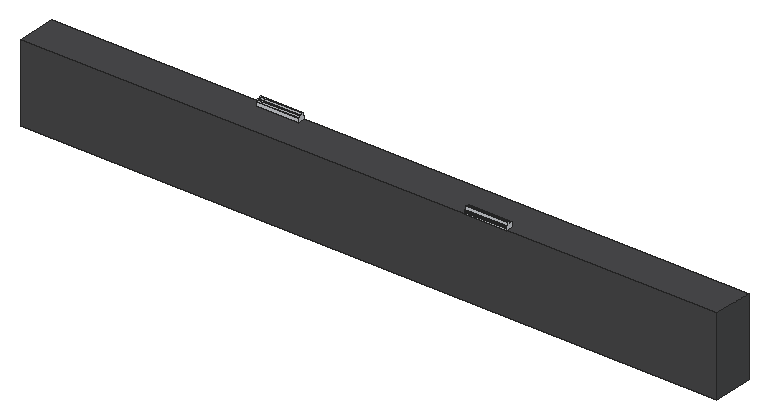
Revit family "DTM30U6.1.16", category Luminarias, Revit 2019
Family settings
  Cota de conector redondo = Diámetro de uso
  Tipo de pieza = Normal
  Se basa en plano de trabajo = Sí
  Siempre vertical = Sí
  Corte con vacíos al cargar = No
  Origen de luz = Sí
  Compartido = No
  Punto de cálculo de habitación = No
Parameters (values of type "RECTANGULAR DWN RIEL_DTM30U6.1.16")
  Ángulo de inclinación = 60.00°
  Zone [instance] = ""
  Watt per fixture = 15
  Wattage = 30.4 W
  built-in parameter 1150107 = 2700 (stored number, unit not read)
  built-in parameter 1150110 = 1 (stored number, unit not read)
  built-in parameter 1150109 = 1 (stored number, unit not read)
  built-in parameter 1150112 = 1 (stored number, unit not read)
  built-in parameter 1150113 = 1 (stored number, unit not read)
  built-in parameter 1114218 = 1 (stored number, unit not read)
  Keynote = ""
  built-in parameter 1150137 = (empty or 0)
  built-in parameter 1150132 = (empty or 0)
  Modelo = "DTM30U6.1.16"
  Lámpara = "3030SMD PHILIPS"
  built-in parameter 1150105 = 198.37 (stored number, unit not read)
  built-in parameter 1150102 = (empty or 0)
  built-in parameter 1150106 = 1.9837 (stored number, unit not read)
  Lumens = 2492.8 lm
  Color Filter = 16777215
  built-in parameter 1114217 = 1 (stored number, unit not read)
  built-in parameter 1150139 = (empty or 0)
  Fabricante = "BRILLANT"
  Default Elevation = 1219.2 mm
  built-in parameter 1150104 = 7.618 (stored number, unit not read)
  Descripción = "LUMINARIA DOWNLIGHT EN FORMATO RECTANGULAR COMPATIBLE CON RIEL DE 6 ENTRADAS Y 3 CIRCUITOS, CUERPO DE ALUMINIO ACABADO EN COLOR NEGRO, IP 20, PESO 1.40Kg, TIPO DE LED 3030SMD PHILIPS CON 30.4W TOTAL, 2300 LUMENES, 82LM/W, IRC 90, TEMPERATURA EN BLANCO CALIDO 2700K, 50 MIL HORAS DE VIDA PROMEDIO, APERTURA DE 16 GRADOS POR PROYECTO, ALIMENTADO A 90-240V"
  built-in parameter 1150115 = 1 (stored number, unit not read)
  built-in parameter 1150114 = 1 (stored number, unit not read)
  Comentarios de vataje = "90-240V"
  built-in parameter 1150138 = (empty or 0)
  built-in parameter 1150134 = (empty or 0)
  Circuit [instance] = ""
  Dimming Lamp Color Temperature Shift = (empty or 0)
  Archivo de red fotométrica = "L646A-30W-827-B-15_IESNA95.IES"
  built-in parameter 1150133 = 10 (stored number, unit not read)
Reference planes
  plane 1 "Centro (Frontal/Posterior)": y = 0
  plane 2: z = 0
  plane 3 "Centro (Izquierda/Derecha)": x = 0
Forms (mm)
  Extrusion 1, solid, material "Default Form"
    sketch origin (0, 0, 0) x (1, 0, 0) y (0, 0, 1)
      loop
        line (-323, 0) -> (-323, -72) -> (323, -72) -> (323, 0) -> (-323, 0)
    from -18.326 to 18.326
  Extrusion 2, solid
    sketch origin (0, 0, 3.217) x (0, 1, 0) y (0, 0, 1)
      loop
        line (-12.149, -3.217) -> (-12.149, 0) -> (-12.935, 0) -> (-12.935, 1.637) -> (-13.796, 1.637) -> (-13.796, 0) -> (-14.582, 0) -> (-14.582, 0.811) -> (-15.443, 0.811) -> (-15.443, 0) -> (-16.233, 0) -> (-16.233, 2.691) -> (-17.279, 2.691) -> (-17.279, 0) -> (-18.061, 0) -> (-18.061, -0.861) -> (-17.162, -0.861) -> (-17.162, -2.042) -> (-18.326, -2.042) -> (-18.326, -3.217) -> (-12.149, -3.217)
    from 89.098 to 128.24
  Extrusion 3, solid
    sketch origin (0, 0, 3.217) x (0, -1, 0) y (0, 0, 1)
      loop
        line (-12.149, -3.217) -> (-12.149, 0) -> (-12.935, 0) -> (-12.935, 1.637) -> (-13.796, 1.637) -> (-13.796, 0) -> (-14.582, 0) -> (-14.582, 0.811) -> (-15.443, 0.811) -> (-15.443, 0) -> (-16.233, 0) -> (-16.233, 2.691) -> (-17.279, 2.691) -> (-17.279, 0) -> (-18.061, 0) -> (-18.061, -0.861) -> (-17.162, -0.861) -> (-17.162, -2.042) -> (-18.326, -2.042) -> (-18.326, -3.217) -> (-12.149, -3.217)
    from 89.098 to 128.24
  Blend 4, void
    base sketch origin (-142.93, 0, 0) x (1, 0, 0) y (0, 1, 0)
      loop
        line (-162, 16.149) -> (-162, -16.149) -> (-144.14, -16.149) -> (-144.14, 16.149) -> (-162, 16.149)
    top sketch origin (-142.93, 0, 0) x (1, 0, 0) y (0, 1, 0)
      loop
        line (-160, 12.149) -> (-160, -12.149) -> (-146.14, -12.149) -> (-146.14, 12.149) -> (-160, 12.149)
    from -72 to -61.591
  Blend 5, void
    base sketch origin (-115.93, 0, 0) x (1, 0, 0) y (0, 1, 0)
      loop
        line (-162, 16.149) -> (-162, -16.149) -> (-144.14, -16.149) -> (-144.14, 16.149) -> (-162, 16.149)
    top sketch origin (-115.93, 0, 0) x (1, 0, 0) y (0, 1, 0)
      loop
        line (-160, 12.149) -> (-160, -12.149) -> (-146.14, -12.149) -> (-146.14, 12.149) -> (-160, 12.149)
    from -72 to -61.591
  Blend 6, void
    base sketch origin (-88.93, 0, 0) x (1, 0, 0) y (0, 1, 0)
      loop
        line (-162, 16.149) -> (-162, -16.149) -> (-144.14, -16.149) -> (-144.14, 16.149) -> (-162, 16.149)
    top sketch origin (-88.93, 0, 0) x (1, 0, 0) y (0, 1, 0)
      loop
        line (-160, 12.149) -> (-160, -12.149) -> (-146.14, -12.149) -> (-146.14, 12.149) -> (-160, 12.149)
    from -72 to -61.591
  Blend 7, void
    base sketch origin (-61.93, 0, 0) x (1, 0, 0) y (0, 1, 0)
      loop
        line (-162, 16.149) -> (-162, -16.149) -> (-144.14, -16.149) -> (-144.14, 16.149) -> (-162, 16.149)
    top sketch origin (-61.93, 0, 0) x (1, 0, 0) y (0, 1, 0)
      loop
        line (-160, 12.149) -> (-160, -12.149) -> (-146.14, -12.149) -> (-146.14, 12.149) -> (-160, 12.149)
    from -72 to -61.591
  Blend 8, void
    base sketch origin (-34.93, 0, 0) x (1, 0, 0) y (0, 1, 0)
      loop
        line (-162, 16.149) -> (-162, -16.149) -> (-144.14, -16.149) -> (-144.14, 16.149) -> (-162, 16.149)
    top sketch origin (-34.93, 0, 0) x (1, 0, 0) y (0, 1, 0)
      loop
        line (-160, 12.149) -> (-160, -12.149) -> (-146.14, -12.149) -> (-146.14, 12.149) -> (-160, 12.149)
    from -72 to -61.591
  Blend 9, void
    base sketch origin (-7.93, 0, 0) x (1, 0, 0) y (0, 1, 0)
      loop
        line (-162, 16.149) -> (-162, -16.149) -> (-144.14, -16.149) -> (-144.14, 16.149) -> (-162, 16.149)
    top sketch origin (-7.93, 0, 0) x (1, 0, 0) y (0, 1, 0)
      loop
        line (-160, 12.149) -> (-160, -12.149) -> (-146.14, -12.149) -> (-146.14, 12.149) -> (-160, 12.149)
    from -72 to -61.591
  Blend 10, void
    base sketch origin (19.07, 0, 0) x (1, 0, 0) y (0, 1, 0)
      loop
        line (-162, 16.149) -> (-162, -16.149) -> (-144.14, -16.149) -> (-144.14, 16.149) -> (-162, 16.149)
    top sketch origin (19.07, 0, 0) x (1, 0, 0) y (0, 1, 0)
      loop
        line (-160, 12.149) -> (-160, -12.149) -> (-146.14, -12.149) -> (-146.14, 12.149) -> (-160, 12.149)
    from -72 to -61.591
  Blend 11, void
    base sketch origin (46.07, 0, 0) x (1, 0, 0) y (0, 1, 0)
      loop
        line (-162, 16.149) -> (-162, -16.149) -> (-144.14, -16.149) -> (-144.14, 16.149) -> (-162, 16.149)
    top sketch origin (46.07, 0, 0) x (1, 0, 0) y (0, 1, 0)
      loop
        line (-160, 12.149) -> (-160, -12.149) -> (-146.14, -12.149) -> (-146.14, 12.149) -> (-160, 12.149)
    from -72 to -61.591
  Blend 12, void
    base sketch origin (73.07, 0, 0) x (1, 0, 0) y (0, 1, 0)
      loop
        line (-162, 16.149) -> (-162, -16.149) -> (-144.14, -16.149) -> (-144.14, 16.149) -> (-162, 16.149)
    top sketch origin (73.07, 0, 0) x (1, 0, 0) y (0, 1, 0)
      loop
        line (-160, 12.149) -> (-160, -12.149) -> (-146.14, -12.149) -> (-146.14, 12.149) -> (-160, 12.149)
    from -72 to -61.591
  Blend 13, void
    base sketch origin (100.07, 0, 0) x (1, 0, 0) y (0, 1, 0)
      loop
        line (-162, 16.149) -> (-162, -16.149) -> (-144.14, -16.149) -> (-144.14, 16.149) -> (-162, 16.149)
    top sketch origin (100.07, 0, 0) x (1, 0, 0) y (0, 1, 0)
      loop
        line (-160, 12.149) -> (-160, -12.149) -> (-146.14, -12.149) -> (-146.14, 12.149) -> (-160, 12.149)
    from -72 to -61.591
  Blend 14, void
    base sketch origin (127.07, 0, 0) x (1, 0, 0) y (0, 1, 0)
      loop
        line (-162, 16.149) -> (-162, -16.149) -> (-144.14, -16.149) -> (-144.14, 16.149) -> (-162, 16.149)
    top sketch origin (127.07, 0, 0) x (1, 0, 0) y (0, 1, 0)
      loop
        line (-160, 12.149) -> (-160, -12.149) -> (-146.14, -12.149) -> (-146.14, 12.149) -> (-160, 12.149)
    from -72 to -61.591
  Blend 15, void
    base sketch origin (154.07, 0, 0) x (1, 0, 0) y (0, 1, 0)
      loop
        line (-162, 16.149) -> (-162, -16.149) -> (-144.14, -16.149) -> (-144.14, 16.149) -> (-162, 16.149)
    top sketch origin (154.07, 0, 0) x (1, 0, 0) y (0, 1, 0)
      loop
        line (-160, 12.149) -> (-160, -12.149) -> (-146.14, -12.149) -> (-146.14, 12.149) -> (-160, 12.149)
    from -72 to -61.591
  Blend 16, void
    base sketch origin (181.07, 0, 0) x (1, 0, 0) y (0, 1, 0)
      loop
        line (-162, 16.149) -> (-162, -16.149) -> (-144.14, -16.149) -> (-144.14, 16.149) -> (-162, 16.149)
    top sketch origin (181.07, 0, 0) x (1, 0, 0) y (0, 1, 0)
      loop
        line (-160, 12.149) -> (-160, -12.149) -> (-146.14, -12.149) -> (-146.14, 12.149) -> (-160, 12.149)
    from -72 to -61.591
  Blend 17, void
    base sketch origin (208.07, 0, 0) x (1, 0, 0) y (0, 1, 0)
      loop
        line (-162, 16.149) -> (-162, -16.149) -> (-144.14, -16.149) -> (-144.14, 16.149) -> (-162, 16.149)
    top sketch origin (208.07, 0, 0) x (1, 0, 0) y (0, 1, 0)
      loop
        line (-160, 12.149) -> (-160, -12.149) -> (-146.14, -12.149) -> (-146.14, 12.149) -> (-160, 12.149)
    from -72 to -61.591
  Blend 18, void
    base sketch origin (235.07, 0, 0) x (1, 0, 0) y (0, 1, 0)
      loop
        line (-162, 16.149) -> (-162, -16.149) -> (-144.14, -16.149) -> (-144.14, 16.149) -> (-162, 16.149)
    top sketch origin (235.07, 0, 0) x (1, 0, 0) y (0, 1, 0)
      loop
        line (-160, 12.149) -> (-160, -12.149) -> (-146.14, -12.149) -> (-146.14, 12.149) -> (-160, 12.149)
    from -72 to -61.591
  Blend 19, void
    base sketch origin (262.07, 0, 0) x (1, 0, 0) y (0, 1, 0)
      loop
        line (-162, 16.149) -> (-162, -16.149) -> (-144.14, -16.149) -> (-144.14, 16.149) -> (-162, 16.149)
    top sketch origin (262.07, 0, 0) x (1, 0, 0) y (0, 1, 0)
      loop
        line (-160, 12.149) -> (-160, -12.149) -> (-146.14, -12.149) -> (-146.14, 12.149) -> (-160, 12.149)
    from -72 to -61.591
  Blend 20, void
    base sketch origin (289.07, 0, 0) x (1, 0, 0) y (0, 1, 0)
      loop
        line (-162, 16.149) -> (-162, -16.149) -> (-144.14, -16.149) -> (-144.14, 16.149) -> (-162, 16.149)
    top sketch origin (289.07, 0, 0) x (1, 0, 0) y (0, 1, 0)
      loop
        line (-160, 12.149) -> (-160, -12.149) -> (-146.14, -12.149) -> (-146.14, 12.149) -> (-160, 12.149)
    from -72 to -61.591
  Blend 21, void
    base sketch origin (316.07, 0, 0) x (1, 0, 0) y (0, 1, 0)
      loop
        line (-162, 16.149) -> (-162, -16.149) -> (-144.14, -16.149) -> (-144.14, 16.149) -> (-162, 16.149)
    top sketch origin (316.07, 0, 0) x (1, 0, 0) y (0, 1, 0)
      loop
        line (-160, 12.149) -> (-160, -12.149) -> (-146.14, -12.149) -> (-146.14, 12.149) -> (-160, 12.149)
    from -72 to -61.591
  Blend 22, void
    base sketch origin (343.07, 0, 0) x (1, 0, 0) y (0, 1, 0)
      loop
        line (-162, 16.149) -> (-162, -16.149) -> (-144.14, -16.149) -> (-144.14, 16.149) -> (-162, 16.149)
    top sketch origin (343.07, 0, 0) x (1, 0, 0) y (0, 1, 0)
      loop
        line (-160, 12.149) -> (-160, -12.149) -> (-146.14, -12.149) -> (-146.14, 12.149) -> (-160, 12.149)
    from -72 to -61.591
  Blend 23, void
    base sketch origin (370.07, 0, 0) x (1, 0, 0) y (0, 1, 0)
      loop
        line (-162, 16.149) -> (-162, -16.149) -> (-144.14, -16.149) -> (-144.14, 16.149) -> (-162, 16.149)
    top sketch origin (370.07, 0, 0) x (1, 0, 0) y (0, 1, 0)
      loop
        line (-160, 12.149) -> (-160, -12.149) -> (-146.14, -12.149) -> (-146.14, 12.149) -> (-160, 12.149)
    from -72 to -61.591
  Blend 24, void
    base sketch origin (397.07, 0, 0) x (1, 0, 0) y (0, 1, 0)
      loop
        line (-162, 16.149) -> (-162, -16.149) -> (-144.14, -16.149) -> (-144.14, 16.149) -> (-162, 16.149)
    top sketch origin (397.07, 0, 0) x (1, 0, 0) y (0, 1, 0)
      loop
        line (-160, 12.149) -> (-160, -12.149) -> (-146.14, -12.149) -> (-146.14, 12.149) -> (-160, 12.149)
    from -72 to -61.591
  Blend 25, void
    base sketch origin (424.07, 0, 0) x (1, 0, 0) y (0, 1, 0)
      loop
        line (-162, 16.149) -> (-162, -16.149) -> (-144.14, -16.149) -> (-144.14, 16.149) -> (-162, 16.149)
    top sketch origin (424.07, 0, 0) x (1, 0, 0) y (0, 1, 0)
      loop
        line (-160, 12.149) -> (-160, -12.149) -> (-146.14, -12.149) -> (-146.14, 12.149) -> (-160, 12.149)
    from -72 to -61.591
  Blend 26, void
    base sketch origin (451.07, 0, 0) x (1, 0, 0) y (0, 1, 0)
      loop
        line (-162, 16.149) -> (-162, -16.149) -> (-144.14, -16.149) -> (-144.14, 16.149) -> (-162, 16.149)
    top sketch origin (451.07, 0, 0) x (1, 0, 0) y (0, 1, 0)
      loop
        line (-160, 12.149) -> (-160, -12.149) -> (-146.14, -12.149) -> (-146.14, 12.149) -> (-160, 12.149)
    from -72 to -61.591
Cuts and joins
  Blend 4, Blend 5, Blend 6, Blend 7, Blend 8, Blend 9, Blend 10, Blend 11, Blend 12, Blend 13, Blend 14, Blend 15, Blend 16, Blend 17, Blend 18, Blend 19, Blend 20, Blend 21, Blend 22, Blend 23, Blend 24, Blend 25, Blend 26 cuts Extrusion 1
Dimensions and locks
  equal spacing: Extrusion 1, plane 1 "Centro (Frontal/Posterior)", Extrusion 1
  Extrusion 1 to plane 1 "Centro (Frontal/Posterior)" = 18.326 mm
  Extrusion 1 to Extrusion 1 = 36.651 mm
  Extrusion 1 to Extrusion 1 = 72 mm
  Extrusion 1 to Extrusion 1 = 646 mm
  cut or joined group 1 (Extrusion 1, Blend 4, Blend 5, Blend 6, Blend 7, Blend 8, Blend 9, Blend 10, Blend 11, Blend 12, Blend 13, Blend 14, Blend 15, Blend 16, Blend 17, Blend 18, Blend 19, Blend 20, Blend 21, Blend 22, Blend 23, Blend 24, Blend 25, Blend 26) to cut or joined group 1 = 72 mm
  cut or joined group 1 to cut or joined group 1 = 36.651 mm
  cut or joined group 1 to cut or joined group 1 = 646 mm
  equal spacing: cut or joined group 1, plane 1 "Centro (Frontal/Posterior)", cut or joined group 1
  aligned and locked: level to plane 2
Automatic sketch dimensions
  Extrusion 1 sketch curve to level = 0 mm
  Extrusion 1 sketch curve to level = 72 mm
  Extrusion 1 sketch curve to plane 3 "Centro (Izquierda/Derecha)" = 323 mm
  plane 3 "Centro (Izquierda/Derecha)" to Extrusion 1 sketch curve = 323 mm
  Extrusion 2 sketch curve to level = 0 mm
  level to Extrusion 2 sketch curve = 1.175 mm
  plane 1 "Centro (Frontal/Posterior)" to Extrusion 2 sketch curve = 18.326 mm
  Extrusion 2 sketch curve to Extrusion 2 sketch curve = 0.265 mm
  Extrusion 2 sketch curve to Extrusion 2 sketch curve = 0.782 mm
  Extrusion 2 sketch curve to Extrusion 2 sketch curve = 1.164 mm
  Extrusion 2 sketch curve to Extrusion 2 sketch curve = 1.046 mm
  Extrusion 2 sketch curve to Extrusion 2 sketch curve = 0.789 mm
  Extrusion 2 sketch curve to Extrusion 2 sketch curve = 0.861 mm  (x3)
  Extrusion 2 sketch curve to Extrusion 2 sketch curve = 0.786 mm
  Extrusion 2 sketch curve to Extrusion 2 sketch curve = 0.785 mm
  Extrusion 2 sketch curve to Extrusion 2 sketch curve = 1.181 mm
  level to Extrusion 2 sketch curve = 3.217 mm
  Extrusion 2 sketch curve to Extrusion 2 sketch curve = 0 mm  (x2)
  Extrusion 2 sketch curve to Extrusion 2 sketch curve = 0.811 mm
  Extrusion 2 sketch curve to Extrusion 2 sketch curve = 0.826 mm
  Extrusion 2 sketch curve to Extrusion 2 sketch curve = 1.88 mm
  Extrusion 3 sketch curve to level = 0 mm
  level to Extrusion 3 sketch curve = 1.175 mm
  Extrusion 3 sketch curve to plane 1 "Centro (Frontal/Posterior)" = 18.326 mm
  Extrusion 3 sketch curve to Extrusion 3 sketch curve = 0.265 mm
  Extrusion 3 sketch curve to Extrusion 3 sketch curve = 0.782 mm
  Extrusion 3 sketch curve to Extrusion 3 sketch curve = 1.164 mm
  Extrusion 3 sketch curve to Extrusion 3 sketch curve = 1.046 mm
  Extrusion 3 sketch curve to Extrusion 3 sketch curve = 0.789 mm
  Extrusion 3 sketch curve to Extrusion 3 sketch curve = 0.861 mm  (x3)
  Extrusion 3 sketch curve to Extrusion 3 sketch curve = 0.786 mm
  Extrusion 3 sketch curve to Extrusion 3 sketch curve = 0.785 mm
  Extrusion 3 sketch curve to Extrusion 3 sketch curve = 1.181 mm
  level to Extrusion 3 sketch curve = 3.217 mm
  Extrusion 3 sketch curve to Extrusion 3 sketch curve = 0 mm  (x2)
  Extrusion 3 sketch curve to Extrusion 3 sketch curve = 0.811 mm
  Extrusion 3 sketch curve to Extrusion 3 sketch curve = 0.826 mm
  Extrusion 3 sketch curve to Extrusion 3 sketch curve = 1.88 mm
  Blend 4 sketch curve to plane 1 "Centro (Frontal/Posterior)" = 16.149 mm
  Blend 4 sketch curve to plane 3 "Centro (Izquierda/Derecha)" = 304.93 mm
  Blend 4 sketch curve to Blend 4 sketch curve = 17.86 mm
  plane 1 "Centro (Frontal/Posterior)" to Blend 4 sketch curve = 16.149 mm
  Blend 4 sketch curve to plane 1 "Centro (Frontal/Posterior)" = 12.149 mm
  Blend 4 sketch curve to plane 3 "Centro (Izquierda/Derecha)" = 302.93 mm
  Blend 4 sketch curve to Blend 4 sketch curve = 13.86 mm
  plane 1 "Centro (Frontal/Posterior)" to Blend 4 sketch curve = 12.149 mm
  Blend 5 sketch curve to Blend 5 sketch curve = 17.86 mm
  Blend 5 sketch curve to Blend 5 sketch curve = 13.86 mm
  Blend 5 sketch curve to Blend 5 sketch curve = 32.298 mm
  Blend 5 sketch curve to Blend 5 sketch curve = 24.298 mm
  Blend 6 sketch curve to Blend 6 sketch curve = 17.86 mm
  Blend 6 sketch curve to Blend 6 sketch curve = 13.86 mm
  Blend 6 sketch curve to Blend 6 sketch curve = 32.298 mm
  Blend 6 sketch curve to Blend 6 sketch curve = 24.298 mm
  Blend 7 sketch curve to Blend 7 sketch curve = 17.86 mm
  Blend 7 sketch curve to Blend 7 sketch curve = 13.86 mm
  Blend 7 sketch curve to Blend 7 sketch curve = 32.298 mm
  Blend 7 sketch curve to Blend 7 sketch curve = 24.298 mm
  Blend 8 sketch curve to Blend 8 sketch curve = 17.86 mm
  Blend 8 sketch curve to Blend 8 sketch curve = 13.86 mm
  Blend 8 sketch curve to Blend 8 sketch curve = 32.298 mm
  Blend 8 sketch curve to Blend 8 sketch curve = 24.298 mm
  Blend 9 sketch curve to Blend 9 sketch curve = 17.86 mm
  Blend 9 sketch curve to Blend 9 sketch curve = 13.86 mm
  Blend 9 sketch curve to Blend 9 sketch curve = 32.298 mm
  Blend 9 sketch curve to Blend 9 sketch curve = 24.298 mm
  Blend 10 sketch curve to Blend 10 sketch curve = 17.86 mm
  Blend 10 sketch curve to Blend 10 sketch curve = 13.86 mm
  Blend 10 sketch curve to Blend 10 sketch curve = 32.298 mm
  Blend 10 sketch curve to Blend 10 sketch curve = 24.298 mm
  Blend 11 sketch curve to Blend 11 sketch curve = 17.86 mm
  Blend 11 sketch curve to Blend 11 sketch curve = 13.86 mm
  Blend 11 sketch curve to Blend 11 sketch curve = 32.298 mm
  Blend 11 sketch curve to Blend 11 sketch curve = 24.298 mm
  Blend 12 sketch curve to Blend 12 sketch curve = 17.86 mm
  Blend 12 sketch curve to Blend 12 sketch curve = 13.86 mm
  Blend 12 sketch curve to Blend 12 sketch curve = 32.298 mm
  Blend 12 sketch curve to Blend 12 sketch curve = 24.298 mm
  Blend 13 sketch curve to Blend 13 sketch curve = 17.86 mm
  Blend 13 sketch curve to Blend 13 sketch curve = 13.86 mm
  Blend 13 sketch curve to Blend 13 sketch curve = 32.298 mm
  Blend 13 sketch curve to Blend 13 sketch curve = 24.298 mm
  Blend 14 sketch curve to Blend 14 sketch curve = 17.86 mm
  Blend 14 sketch curve to Blend 14 sketch curve = 13.86 mm
  Blend 14 sketch curve to Blend 14 sketch curve = 32.298 mm
  Blend 14 sketch curve to Blend 14 sketch curve = 24.298 mm
  Blend 15 sketch curve to Blend 15 sketch curve = 17.86 mm
  Blend 15 sketch curve to Blend 15 sketch curve = 13.86 mm
  Blend 15 sketch curve to Blend 15 sketch curve = 32.298 mm
  Blend 15 sketch curve to Blend 15 sketch curve = 24.298 mm
  Blend 16 sketch curve to Blend 16 sketch curve = 17.86 mm
  Blend 16 sketch curve to Blend 16 sketch curve = 13.86 mm
  Blend 16 sketch curve to Blend 16 sketch curve = 32.298 mm
  Blend 16 sketch curve to Blend 16 sketch curve = 24.298 mm
  Blend 17 sketch curve to Blend 17 sketch curve = 17.86 mm
  Blend 17 sketch curve to Blend 17 sketch curve = 13.86 mm
  Blend 17 sketch curve to Blend 17 sketch curve = 32.298 mm
  Blend 17 sketch curve to Blend 17 sketch curve = 24.298 mm
  Blend 18 sketch curve to Blend 18 sketch curve = 17.86 mm
  Blend 18 sketch curve to Blend 18 sketch curve = 13.86 mm
  Blend 18 sketch curve to Blend 18 sketch curve = 32.298 mm
  Blend 18 sketch curve to Blend 18 sketch curve = 24.298 mm
  Blend 19 sketch curve to Blend 19 sketch curve = 17.86 mm
  Blend 19 sketch curve to Blend 19 sketch curve = 13.86 mm
  Blend 19 sketch curve to Blend 19 sketch curve = 32.298 mm
  Blend 19 sketch curve to Blend 19 sketch curve = 24.298 mm
  Blend 20 sketch curve to Blend 20 sketch curve = 17.86 mm
  Blend 20 sketch curve to Blend 20 sketch curve = 13.86 mm
  Blend 20 sketch curve to Blend 20 sketch curve = 32.298 mm
  Blend 20 sketch curve to Blend 20 sketch curve = 24.298 mm
  Blend 21 sketch curve to Blend 21 sketch curve = 17.86 mm
  Blend 21 sketch curve to Blend 21 sketch curve = 13.86 mm
  Blend 21 sketch curve to Blend 21 sketch curve = 32.298 mm
  Blend 21 sketch curve to Blend 21 sketch curve = 24.298 mm
  Blend 22 sketch curve to Blend 22 sketch curve = 17.86 mm
  Blend 22 sketch curve to Blend 22 sketch curve = 13.86 mm
  Blend 22 sketch curve to Blend 22 sketch curve = 32.298 mm
  Blend 22 sketch curve to Blend 22 sketch curve = 24.298 mm
  Blend 23 sketch curve to Blend 23 sketch curve = 17.86 mm
  Blend 23 sketch curve to Blend 23 sketch curve = 13.86 mm
  Blend 23 sketch curve to Blend 23 sketch curve = 32.298 mm
  Blend 23 sketch curve to Blend 23 sketch curve = 24.298 mm
  Blend 24 sketch curve to Blend 24 sketch curve = 17.86 mm
  Blend 24 sketch curve to Blend 24 sketch curve = 13.86 mm
  Blend 24 sketch curve to Blend 24 sketch curve = 32.298 mm
  Blend 24 sketch curve to Blend 24 sketch curve = 24.298 mm
  Blend 25 sketch curve to Blend 25 sketch curve = 17.86 mm
  Blend 25 sketch curve to Blend 25 sketch curve = 13.86 mm
  Blend 25 sketch curve to Blend 25 sketch curve = 32.298 mm
  Blend 25 sketch curve to Blend 25 sketch curve = 24.298 mm
  Blend 26 sketch curve to Blend 26 sketch curve = 17.86 mm
  Blend 26 sketch curve to Blend 26 sketch curve = 13.86 mm
  Blend 26 sketch curve to Blend 26 sketch curve = 32.298 mm
  Blend 26 sketch curve to Blend 26 sketch curve = 24.298 mm
  Blend 5 sketch curve to plane 1 "Centro (Frontal/Posterior)" = 16.149 mm
  Blend 5 sketch curve to plane 3 "Centro (Izquierda/Derecha)" = 277.93 mm
  Blend 5 sketch curve to plane 1 "Centro (Frontal/Posterior)" = 12.149 mm
  Blend 5 sketch curve to plane 3 "Centro (Izquierda/Derecha)" = 275.93 mm
  Blend 6 sketch curve to plane 1 "Centro (Frontal/Posterior)" = 16.149 mm
  Blend 6 sketch curve to plane 3 "Centro (Izquierda/Derecha)" = 250.93 mm
  Blend 6 sketch curve to plane 1 "Centro (Frontal/Posterior)" = 12.149 mm
  Blend 6 sketch curve to plane 3 "Centro (Izquierda/Derecha)" = 248.93 mm
  Blend 7 sketch curve to plane 1 "Centro (Frontal/Posterior)" = 16.149 mm
  Blend 7 sketch curve to plane 3 "Centro (Izquierda/Derecha)" = 223.93 mm
  Blend 7 sketch curve to plane 1 "Centro (Frontal/Posterior)" = 12.149 mm
  Blend 7 sketch curve to plane 3 "Centro (Izquierda/Derecha)" = 221.93 mm
  Blend 8 sketch curve to plane 1 "Centro (Frontal/Posterior)" = 16.149 mm
  Blend 8 sketch curve to plane 3 "Centro (Izquierda/Derecha)" = 196.93 mm
  Blend 8 sketch curve to plane 1 "Centro (Frontal/Posterior)" = 12.149 mm
  Blend 8 sketch curve to plane 3 "Centro (Izquierda/Derecha)" = 194.93 mm
  Blend 9 sketch curve to plane 1 "Centro (Frontal/Posterior)" = 16.149 mm
  Blend 9 sketch curve to plane 3 "Centro (Izquierda/Derecha)" = 169.93 mm
  Blend 9 sketch curve to plane 1 "Centro (Frontal/Posterior)" = 12.149 mm
  Blend 9 sketch curve to plane 3 "Centro (Izquierda/Derecha)" = 167.93 mm
  Blend 10 sketch curve to plane 1 "Centro (Frontal/Posterior)" = 16.149 mm
  Blend 10 sketch curve to plane 3 "Centro (Izquierda/Derecha)" = 142.93 mm
  Blend 10 sketch curve to plane 1 "Centro (Frontal/Posterior)" = 12.149 mm
  Blend 10 sketch curve to plane 3 "Centro (Izquierda/Derecha)" = 140.93 mm
  Blend 11 sketch curve to plane 1 "Centro (Frontal/Posterior)" = 16.149 mm
  Blend 11 sketch curve to plane 3 "Centro (Izquierda/Derecha)" = 115.93 mm
  Blend 11 sketch curve to plane 1 "Centro (Frontal/Posterior)" = 12.149 mm
  Blend 11 sketch curve to plane 3 "Centro (Izquierda/Derecha)" = 113.93 mm
  Blend 12 sketch curve to plane 1 "Centro (Frontal/Posterior)" = 16.149 mm
  Blend 12 sketch curve to plane 3 "Centro (Izquierda/Derecha)" = 88.93 mm
  Blend 12 sketch curve to plane 1 "Centro (Frontal/Posterior)" = 12.149 mm
  Blend 12 sketch curve to plane 3 "Centro (Izquierda/Derecha)" = 86.93 mm
  Blend 13 sketch curve to plane 1 "Centro (Frontal/Posterior)" = 16.149 mm
  Blend 13 sketch curve to plane 3 "Centro (Izquierda/Derecha)" = 61.93 mm
  Blend 13 sketch curve to plane 1 "Centro (Frontal/Posterior)" = 12.149 mm
  Blend 13 sketch curve to plane 3 "Centro (Izquierda/Derecha)" = 59.93 mm
  Blend 14 sketch curve to plane 1 "Centro (Frontal/Posterior)" = 16.149 mm
  Blend 14 sketch curve to plane 3 "Centro (Izquierda/Derecha)" = 34.93 mm
  Blend 14 sketch curve to plane 1 "Centro (Frontal/Posterior)" = 12.149 mm
  Blend 14 sketch curve to plane 3 "Centro (Izquierda/Derecha)" = 32.93 mm
  Blend 15 sketch curve to plane 3 "Centro (Izquierda/Derecha)" = 7.93 mm
  plane 1 "Centro (Frontal/Posterior)" to Blend 15 sketch curve = 16.149 mm
  Blend 15 sketch curve to plane 3 "Centro (Izquierda/Derecha)" = 5.93 mm
  plane 1 "Centro (Frontal/Posterior)" to Blend 15 sketch curve = 12.149 mm
  plane 3 "Centro (Izquierda/Derecha)" to Blend 16 sketch curve = 19.07 mm
  plane 1 "Centro (Frontal/Posterior)" to Blend 16 sketch curve = 16.149 mm
  plane 3 "Centro (Izquierda/Derecha)" to Blend 16 sketch curve = 21.07 mm
  plane 1 "Centro (Frontal/Posterior)" to Blend 16 sketch curve = 12.149 mm
  Blend 17 sketch curve to plane 1 "Centro (Frontal/Posterior)" = 16.149 mm
  plane 3 "Centro (Izquierda/Derecha)" to Blend 17 sketch curve = 46.07 mm
  Blend 17 sketch curve to plane 1 "Centro (Frontal/Posterior)" = 12.149 mm
  plane 3 "Centro (Izquierda/Derecha)" to Blend 17 sketch curve = 48.07 mm
  Blend 18 sketch curve to plane 1 "Centro (Frontal/Posterior)" = 16.149 mm
  plane 3 "Centro (Izquierda/Derecha)" to Blend 18 sketch curve = 73.07 mm
  Blend 18 sketch curve to plane 1 "Centro (Frontal/Posterior)" = 12.149 mm
  plane 3 "Centro (Izquierda/Derecha)" to Blend 18 sketch curve = 75.07 mm
  Blend 19 sketch curve to plane 1 "Centro (Frontal/Posterior)" = 16.149 mm
  plane 3 "Centro (Izquierda/Derecha)" to Blend 19 sketch curve = 100.07 mm
  Blend 19 sketch curve to plane 1 "Centro (Frontal/Posterior)" = 12.149 mm
  plane 3 "Centro (Izquierda/Derecha)" to Blend 19 sketch curve = 102.07 mm
  Blend 20 sketch curve to plane 1 "Centro (Frontal/Posterior)" = 16.149 mm
  plane 3 "Centro (Izquierda/Derecha)" to Blend 20 sketch curve = 127.07 mm
  Blend 20 sketch curve to plane 1 "Centro (Frontal/Posterior)" = 12.149 mm
  plane 3 "Centro (Izquierda/Derecha)" to Blend 20 sketch curve = 129.07 mm
  Blend 21 sketch curve to plane 1 "Centro (Frontal/Posterior)" = 16.149 mm
  plane 3 "Centro (Izquierda/Derecha)" to Blend 21 sketch curve = 154.07 mm
  Blend 21 sketch curve to plane 1 "Centro (Frontal/Posterior)" = 12.149 mm
  plane 3 "Centro (Izquierda/Derecha)" to Blend 21 sketch curve = 156.07 mm
  Blend 22 sketch curve to plane 1 "Centro (Frontal/Posterior)" = 16.149 mm
  plane 3 "Centro (Izquierda/Derecha)" to Blend 22 sketch curve = 181.07 mm
  Blend 22 sketch curve to plane 1 "Centro (Frontal/Posterior)" = 12.149 mm
  plane 3 "Centro (Izquierda/Derecha)" to Blend 22 sketch curve = 183.07 mm
  Blend 23 sketch curve to plane 1 "Centro (Frontal/Posterior)" = 16.149 mm
  plane 3 "Centro (Izquierda/Derecha)" to Blend 23 sketch curve = 208.07 mm
  Blend 23 sketch curve to plane 1 "Centro (Frontal/Posterior)" = 12.149 mm
  plane 3 "Centro (Izquierda/Derecha)" to Blend 23 sketch curve = 210.07 mm
  Blend 24 sketch curve to plane 1 "Centro (Frontal/Posterior)" = 16.149 mm
  plane 3 "Centro (Izquierda/Derecha)" to Blend 24 sketch curve = 235.07 mm
  Blend 24 sketch curve to plane 1 "Centro (Frontal/Posterior)" = 12.149 mm
  plane 3 "Centro (Izquierda/Derecha)" to Blend 24 sketch curve = 237.07 mm
  Blend 25 sketch curve to plane 1 "Centro (Frontal/Posterior)" = 16.149 mm
  plane 3 "Centro (Izquierda/Derecha)" to Blend 25 sketch curve = 262.07 mm
  Blend 25 sketch curve to plane 1 "Centro (Frontal/Posterior)" = 12.149 mm
  plane 3 "Centro (Izquierda/Derecha)" to Blend 25 sketch curve = 264.07 mm
  Blend 26 sketch curve to plane 1 "Centro (Frontal/Posterior)" = 16.149 mm
  plane 3 "Centro (Izquierda/Derecha)" to Blend 26 sketch curve = 289.07 mm
  Blend 26 sketch curve to plane 1 "Centro (Frontal/Posterior)" = 12.149 mm
  plane 3 "Centro (Izquierda/Derecha)" to Blend 26 sketch curve = 291.07 mm
Connectors
  electrical at (0, 0, 0)
    settings: on cut or joined group 1, index 1, voltage 240 V, apparent load 0 VA, apparent load phase1 0 VA, apparent load phase2 0 VA, apparent load phase3 0 VA, power factor 1, load classification "Otro", number of poles 1, system type 31, power factor state 1, is connector primary yes, connector utility no, sub classification motor no, connector description ""
